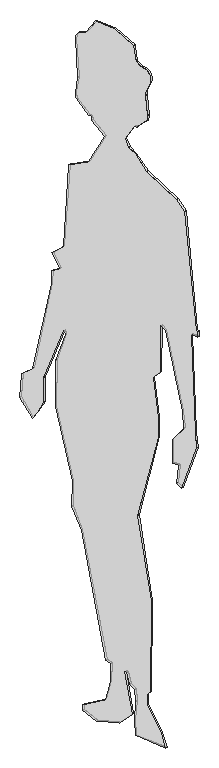
Revit family "Flat Lady 03", category Entourage, Revit 2015
Parameters
  Height = 0 mm
  Flat Material [instance] = none
Reference planes
  plane 1 "Center (Front/Back)": y = 0
  plane 2: z = 0
  plane 3 "Center (Left/Right)": x = 0
  plane 4: z = 1600
Forms (mm)
  Extrusion 1, solid, material <- "Flat Material"
    sketch origin (0, 0, 0) x (1, 0, 0) y (0, 0, 1)
      loop
        line (47.517, 1315.953) -> (17.349, 1346.832) -> (0.698, 1356.017) -> (-8.636, 1374.502) -> (14.444, 1410.501) -> (21.884, 1409.16) -> (44.428, 1430.83)
        arc (44.428, 1430.83) -> (49.451, 1438.659) -> (50.39, 1447.914) r 20
        line (50.39, 1447.914) -> (44.573, 1491.167)
        arc (44.573, 1491.167) -> (44.564, 1496.43) -> (45.928, 1501.513) r 20
        line (45.928, 1501.513) -> (56.445, 1526.801)
        arc (56.445, 1526.801) -> (55.763, 1543.632) -> (42.465, 1553.972) r 20
        line (42.465, 1553.972) -> (32.784, 1556.2)
        arc (32.784, 1556.2) -> (22.741, 1561.946) -> (17.561, 1572.293) r 20
        line (17.561, 1572.293) -> (13.297, 1597.035) -> (-36.81, 1620.007) -> (-84.622, 1620.007) -> (-107.955, 1587.846) -> (-126.17, 1579.26)
        arc (-126.17, 1579.26) -> (-134.91, 1571.261) -> (-137.59, 1559.719) r 20
        line (-137.59, 1559.719) -> (-131.287, 1472.985) -> (-138.173, 1435.251)
        arc (-138.173, 1435.251) -> (-137.212, 1424.605) -> (-130.905, 1415.974) r 20
        line (-130.905, 1415.974) -> (-103.055, 1393.947) -> (-97.178, 1393.879) -> (-95.055, 1385.759) -> (-62.28, 1359.005) -> (-103.8, 1287.641) -> (-154.6, 1261.214) -> (-169.257, 1065.67) -> (-199.071, 1040.779) -> (-178.459, 1011.492) -> (-199.553, 999.356) -> (-199.891, 970.313) -> (-248.121, 754.207) -> (-277.408, 733.596) -> (-282.375, 675.082) -> (-273.899, 666.888) -> (-249.479, 637.557) -> (-236.861, 657.886) -> (-219.853, 687.212) -> (-219.177, 745.299) -> (-168.089, 870.966) -> (-164.367, 863.07) -> (-189.075, 794.949) -> (-190.333, 686.868) -> (-146.471, 527.786) -> (-147.147, 469.699) -> (-122.926, 423.226) -> (-59.516, 143.441) -> (-46.685, 141.21) -> (-47.193, 97.583) -> (-60.58, 52.024) -> (-119.055, 19.372) -> (-119.205, 6.516) -> (-81.735, -6.301) -> (-23.454, 9.687) -> (10.263, 42.628) -> (-9.617, 134.765) -> (-3.902, 133.771) -> (2.945, 109.38) -> (16.51, 102.399) -> (19.221, 75.857) -> (14.404, 30.199) -> (17.317, -5.318) -> (96.811, -5.318) -> (85.297, 25.088) -> (48.315, 79.804) -> (48.576, 102.26) -> (56.747, 108.754) -> (59.219, 321.106) -> (24.265, 509.132) -> (76.585, 708.523) -> (77.118, 754.231) -> (64.285, 844.844) -> (82.19, 862.743) -> (83.448, 970.824) -> (94.912, 963.061) -> (139.928, 791.119) -> (143.775, 753.455) -> (113.823, 716.661) -> (113.191, 662.383) -> (129.856, 662.189) -> (125.559, 620.334) -> (137.844, 612.096) -> (176.716, 719.738) -> (172.819, 753.117) -> (162.821, 978.472) -> (179.725, 978.275) -> (179.87, 990.654) -> (175.521, 991.265) -> (145.359, 1257.722) -> (124.654, 1278.916) -> (47.517, 1315.953)
    from -2.5 to 2.5
Lines and regions (mm)
  model lines
    curve 1: line (0, 150, 0) -> (0, -150, 0)
    curve 2: line (-150, 0, 0) -> (150, 0, 0)
Dimensions and locks
  aligned and locked: level to plane 2
